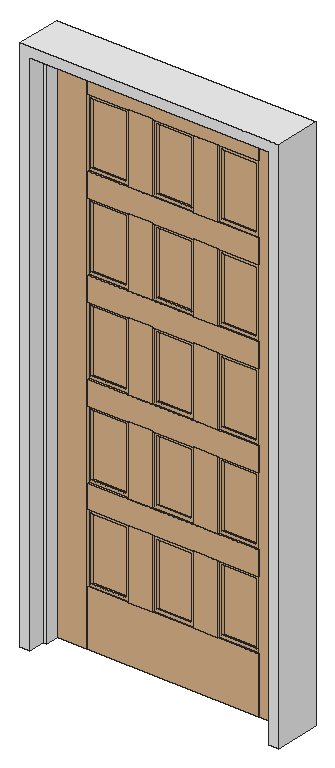
Revit family
Parameters (values of type "1 3/4" Flat Panel")
  URL = "http://www.karonadoor.com"
  Thickness Note = "Do not edit thickness."  # constant formula
  Thickness = 1.774"
  Swing Angle 2D = 90.00°
  SmartBIM Object Version = 1  # constant formula
  SmartBIM Object Created By = "Reed Construction Data"  # constant formula
  Rough Width = 0.000"
  Rough Height = 1.750"
  Panel = Panel_K5930_Karona : 1 3/4" - Flat Panel
  Model = "K5930 Mission"  # constant formula
  Manufacturer = "Karona , Inc."  # constant formula
  Detail Door Thickness = 1.750"
  Assembly Code = ""
  Top Rail Height = 5.000"
  Top Rail = Wood, Cherry - Grain Horizontal
  Stile Width = 5.063"
  Stile = Wood, Cherry - Grain Vertical
  Sticking = Wood, Cherry - Grain Vertical
  Middle Rail = Wood, Cherry - Grain Horizontal
  Height = 80.000"
  Wall Closure = (empty or 0)
  Width = 36.000"
  Frame = Metal
  Bottom Rail Height = 8.500"
  Bottom Rail = Wood, Cherry - Grain Horizontal
  95 CSI = "08210"  # constant formula
  04 CSI = "08 14 33"  # constant formula
Types (9): name | Thickness | Rough Height | Panel | Detail Door Thickness
  1 3/4" Flat Panel | 1.774" | 1.750" | Panel_K5930_Karona : 1 3/4" - Flat Panel | 1.750"
  1 3/8" Flat Panel | 1.334" | 0.000" | Panel_K5930_Karona : 1 3/8" - Flat Panel | 1.375"
  2 1/4" Flat Panel | 2.250" | 0.000" | Panel_K5930_Karona : 2 1/4" - Flat Panel | 2.250"
  1 3/4" Glass Panel | 1.774" | 1.750" | Panel_K5930_Karona : 1 3/4" - Glass Panel | 1.750"
  1 3/8" Glass Panel | 1.334" | 0.000" | Panel_K5930_Karona : 1 3/8" - Glass Panel | 1.375"
  2 1/4" Glass Panel | 2.250" | 0.000" | Panel_K5930_Karona : 2 1/4" - Glass | 2.250"
  1 3/4" Raised Panel | 1.774" | 1.750" | Panel_K5930_Karona : 1 3/4" - Raised Panel | 1.750"
  1 3/8" Raised Panel | 1.334" | 0.000" | Panel_K5930_Karona : 1 3/8" - Raised Panel | 1.375"
  2 1/4" Raised Panel | 2.250" | 0.000" | Panel_K5930_Karona : 2 1/4" - Raised Panel | 2.250"
Reference planes (in)
  plane 1 "Center (Front/Back)": y = 0
  plane 2 "Center (Left/Right)": x = 0
  plane 3 "Left": x = -18
  plane 4 "Right": x = 18
  plane 5 "Top": z = 80
  plane 6 "Exterior Edge of Frame": y = 3.5
  plane 7 "Interior Edge of Frame": y = -3.5
  plane 8: y = 1
  plane 9: y = -1
  plane 10 "Opening Left": x = -19.5
  plane 11 "Opening Right": x = 19.5
  plane 12 "Top of Opening": z = 81.5
  plane 13: x = -17.5
Forms (in)
  Sweep 1, solid, material "Metal" <- "Frame"
    path origin (0, 0, 0) x (1, 0, 0) y (0, 0, 1)
      loop
        line (-19.5, 0) -> (-19.5, 81.5) -> (19.5, 81.5) -> (19.5, 0)
    profile origin (-19.5, 0, 40.75) x (-1, 0, 0) y (0, -1, 0)
      loop
        line (0, -3.5) -> (0, 3.5) -> (-1.5, 3.5) -> (-1.5, 1) -> (-2, 1) -> (-2, -1) -> (-1.5, -1) -> (-1.5, -3.5) -> (0, -3.5)
Lines and regions (in)
  Opening 1
    outline origin (-90, -3, 0) x (1, 0, 0) y (0, 0, 1)
      loop
        line (70.5, 0) -> (109.5, 0) -> (109.5, 81.5) -> (70.5, 81.5) -> (70.5, 0)
  symbolic lines, style "Elevation Swing"
    curve 1: line (18, 3, 0) -> (-18, 3, 40)
    curve 2: line (-18, 3, 40) -> (18, 3, 80)
Text (in)
  text "Exterior" at (-46.13199, 20.20143, 0), in view "Ref. Level"
  text "Interior" at (-46.13199, -10.56751, 0), in view "Ref. Level"
  text "Exterior" at (0, 40.15149, 123.01588), in view "Right"
  text "Interior" at (0, -64.39139, 123.01588), in view "Right"
  text "Interior" at (0, -31.01599, 123.00693), in view "Left"
  text "Exterior" at (0, 54.57065, 123.00693), in view "Left"
Dimensions and locks (in)
  "Height": level to plane 5 "Top"
  "Width": plane 3 "Left" to plane 4 "Right"
  equal spacing: host wall, curve 2, plane 5 "Top"
  locked: host wall to plane 7 "Interior Edge of Frame" at 0.5
  locked: plane 6 "Exterior Edge of Frame" to host wall at 0.5
  locked: plane 9 to plane 7 "Interior Edge of Frame" at 2.5
  locked: plane 6 "Exterior Edge of Frame" to plane 8 at 2.5
  equal spacing: plane 3 "Left", plane 2 "Center (Left/Right)", plane 4 "Right"
  locked: plane 4 "Right" to plane 11 "Opening Right" at 1.5
  locked: plane 5 "Top" to plane 12 "Top of Opening" at 1.5
  locked: plane 3 "Left" to plane 13 at 0.5
  locked: plane 10 "Opening Left" to plane 3 "Left" at 1.5
  aligned and locked: Opening 1 sketch curve to level
  aligned and locked: plane 4 "Right" to curve 1
  aligned and locked: plane 3 "Left" to curve 1
  aligned and locked: plane 5 "Top" to curve 2
  aligned and locked: Opening 1 sketch curve to plane 11 "Opening Right"
  aligned and locked: plane 12 "Top of Opening" to Opening 1 sketch curve
  aligned and locked: Opening 1 sketch curve to plane 10 "Opening Left"
  aligned and locked: plane 10 "Opening Left" to Sweep 1 sketch curve
  aligned and locked: plane 12 "Top of Opening" to Sweep 1 sketch curve
  aligned and locked: plane 11 "Opening Right" to Sweep 1 sketch curve
  aligned and locked: level to Sweep 1 sketch curve  (x2)
  aligned and locked: Sweep 1 sketch curve to plane 10 "Opening Left"
  aligned and locked: Sweep 1 sketch curve to plane 6 "Exterior Edge of Frame"
  aligned and locked: Sweep 1 sketch curve to plane 7 "Interior Edge of Frame"
  aligned and locked: Sweep 1 sketch curve to plane 8
  aligned and locked: Sweep 1 sketch curve to plane 9
  aligned and locked: plane 13 to Sweep 1 sketch curve
  aligned and locked: plane 3 "Left" to Sweep 1 sketch curve  (x2)
  aligned and locked: nested 1 to plane 2 "Center (Left/Right)"
  aligned and locked: nested 1 to plane 8
  aligned and locked: nested 2 to plane 3 "Left"
  aligned and locked: nested 2 to plane 8
Automatic sketch dimensions
  curve 1 to level = 0.000"
  curve 2 to plane 4 "Right" = 0.000"
Nested families (in)
  nested 1: "Panel_K5930_Karona" at (-13.5, 0.6575, 0) x (-1, 0, 0) z (0, 0, 1), type <- "Panel", type "1 3/4" - Flat Panel"
    with Stile Width 5.063", Panel Width 6.208", Half Panel Width 3.104"
  nested 2: "Door Panel Plan View" at (-31.5, 1, 0) x (-1, 0, 0) z (0, 0, 1), type "Door Panel Plan View"
    with Thickness 1.750", Height 80.000"
Definition of nested family "Panel_K5930_Karona"
  Parameters (values of type "2 1/4" - Flat Panel")
    Width = 36.000"
    Top Rail Material = Wood, Cherry - Grain Horizontal
    Top Rail Height = 10.000"
    Top Panel Offset = Top Rail Height + Half Panel Height  # 14.550"
    Thickness Note = "Do not change door thickness"  # constant formula
    Thickness = 2.250"
    Stile Width = 8.000"
    Stile Material = Wood, Cherry - Grain Vertical
    Sticking Material = Wood, Cherry - Grain Vertical
    Panel Width = (Width - (2 * Stile Width) - (2 * Mullion Width)) / 3  # 4.250"
    Panel Height = (Height - (Bottom Rail Height + Top Rail Height) - (4 * 3.625")) / 5  # 9.100"
    Panel = Glass-Sticking-Assembly-Mission_Karona : Flat Panel
    Mullion Width = 3.625"  # constant formula
    Interior Panel = Wood, Cherry - Grain Vertical
    Height = 80.000"
    Half Panel Width = 0.5 * Panel Width  # 2.125"
    Half Panel Height = 0.5 * Panel Height  # 4.550"
    Exterior Edge - Glass Bottom Offset = if(Thickness = 1.774", 0.567", if(Thickness = 2.250", 0.803", 0.469"))  # 0.803"
    Door Panel Material = Wood, Cherry - Grain Vertical
    Default Elevation = 0.000"  # constant formula
    Cross Rail and Panel Spacing Start = Half Panel Height + 0.5 * (3.625")  # 6.3625"
    Cross Rail Panel Height = Panel Height + 3.625"  # 12.725"
    Bottom Rail Material = Wood, Cherry - Grain Horizontal
    Bottom Rail Height = 10.000"
    Assembly Code = ""
  Types (9): name | Top Rail Height | Top Panel Offset | Thickness | Stile Width | Panel Width | Panel Height | Panel | Interior Panel | Half Panel Width | Half Panel Height | Exterior Edge - Glass Bottom Offset | Cross Rail and Panel Spacing Start | Cross Rail Panel Height | Bottom Rail Height
    2 1/4" - Flat Panel | 10.000" | 14.550" | 2.250" | 8.000" | 4.250" | 9.100" | Glass-Sticking-Assembly-Mission_Karona : Flat Panel | Wood, Cherry - Grain Vertical | 2.125" | 4.550" | 0.803" | 6.3625" | 12.725" | 10.000"
    2 1/4" - Glass | 5.000" | 10.200" | 2.250" | 5.250" | 6.08333" | 10.400" | Glass-Sticking-Assembly-Mission_Karona : Glass Panel | Glass | 3.04167" | 5.200" | 0.803" | 7.0125" | 14.025" | 8.500"
    2 1/4" - Raised Panel | 5.000" | 10.200" | 2.250" | 5.250" | 6.08333" | 10.400" | Glass-Sticking-Assembly-Mission_Karona : Raised Panel | Wood, Cherry - Grain Vertical | 3.04167" | 5.200" | 0.803" | 7.0125" | 14.025" | 8.500"
    1 3/4" - Raised Panel | 5.000" | 10.200" | 1.774" | 5.250" | 6.08333" | 10.400" | Glass-Sticking-Assembly-Mission_Karona : Raised Panel | Wood, Cherry - Grain Vertical | 3.04167" | 5.200" | 0.567" | 7.0125" | 14.025" | 8.500"
    1 3/4" - Flat Panel | 5.000" | 10.200" | 1.774" | 5.250" | 6.08333" | 10.400" | Glass-Sticking-Assembly-Mission_Karona : Flat Panel | Wood, Cherry - Grain Vertical | 3.04167" | 5.200" | 0.567" | 7.0125" | 14.025" | 8.500"
    1 3/4" - Glass Panel | 5.000" | 10.200" | 1.774" | 5.250" | 6.08333" | 10.400" | Glass-Sticking-Assembly-Mission_Karona : Glass Panel | Glass | 3.04167" | 5.200" | 0.567" | 7.0125" | 14.025" | 8.500"
    1 3/8" - Raised Panel | 5.000" | 10.200" | 1.334" | 5.250" | 6.08333" | 10.400" | Glass-Sticking-Assembly-Mission_Karona : Raised Panel | Wood, Cherry - Grain Vertical | 3.04167" | 5.200" | 0.469" | 7.0125" | 14.025" | 8.500"
    1 3/8" - Glass Panel | 5.000" | 10.200" | 1.334" | 5.250" | 6.08333" | 10.400" | Glass-Sticking-Assembly-Mission_Karona : Glass Panel | Glass | 3.04167" | 5.200" | 0.469" | 7.0125" | 14.025" | 8.500"
    1 3/8" - Flat Panel | 5.000" | 10.200" | 1.334" | 5.250" | 6.08333" | 10.400" | Glass-Sticking-Assembly-Mission_Karona : Flat Panel | Wood, Cherry - Grain Horizontal | 3.04167" | 5.200" | 0.469" | 7.0125" | 14.025" | 8.500"
  Reference planes (in)
    plane 1 "Center (Front/Back)": y = 1.2315
    plane 2: z = 0
    plane 3 "Center (Left/Right)": x = -13.5
    plane 4 "Left": x = -31.5
    plane 5: x = 4.5
    plane 6 "Inner Left": x = -23.5
    plane 7 "Inner Right": x = -3.5
    plane 8: z = 10
    plane 9 "Bottom Of Top Rail": z = 70
    plane 10 "Top": z = 80
    plane 11 "Interior Edge of Door": y = 2.3565
    plane 12: z = 70
    plane 13 "Exterior Edge of Door": y = 0.1065
    plane 14 "Bottom of Glass": y = 0.9095
    plane 15 "Left Panel Vertical Midline": x = -21.375
    plane 16 "Right Panel Vertical Midline": x = -5.625
    plane 17 "Center of Left Vertical Mullion": x = -17.4375
    plane 18 "Center of Right Vertical Mullion": x = -9.5625
    plane 19 "Horizontal Midline Panel 1": z = 65.45
    plane 20 "Horizontal Midline Panel 2": z = 52.725
    plane 21 "Horizontal Midline Panel 3": z = 40
    plane 22 "Horizontal Midline Panel 4": z = 27.275
    plane 23 "Cross Rail 2": z = 46.3625
    plane 24 "Cross Rail 3": z = 33.6375
    plane 25 "Cross Rail Bottom": z = 20.9125
    plane 26 "Horizontal Midline Panel 5": z = 14.55
    plane 27 "Cross Rail 1": z = 59.0875
    plane 28: x = -19.25
    plane 29: x = -15.625
    plane 30: x = -11.375
    plane 31: x = -7.75
  Forms (in)
    Extrusion 1, solid, material "Wood, Cherry - Grain Horizontal" <- "Bottom Rail Material"
      sketch origin (0, -101.3125, 0) x (1, 0, 0) y (0, 0, 1)
        loop
          line (-23.5, 0) -> (-3.5, 0) -> (-3.5, 10) -> (-23.5, 10) -> (-23.5, 0)
      from -103.669 to -101.419
    Extrusion 2, solid, material "Wood, Cherry - Grain Vertical" <- "Stile Material"
      sketch origin (0, 1.2315, 0) x (1, 0, 0) y (0, 0, 1)
        loop
          line (-31.5, 80) -> (-31.5, 0) -> (-23.5, 0) -> (-23.5, 80) -> (-31.5, 80)
        loop
          line (-3.5, 0) -> (4.5, 0) -> (4.5, 80) -> (-3.5, 80) -> (-3.5, 0)
      from -1.125 to 1.125
    Extrusion 3, solid, material "Wood, Cherry - Grain Horizontal" <- "Top Rail Material"
      sketch origin (0, 1.2315, 0) x (1, 0, 0) y (0, 0, 1)
        loop
          line (-23.5, 80) -> (-23.5, 70) -> (-3.5, 70) -> (-3.5, 80) -> (-23.5, 80)
      from -1.125 to 1.125
    Extrusion 4, solid, material "Wood, Cherry - Grain Horizontal" <- "Top Rail Material"
      sketch origin (0, 1.2315, 0) x (1, 0, 0) y (0, 0, 1)
        loop
          line (-3.5, 19.0995) -> (-3.5, 22.7255) -> (-23.5, 22.7255) -> (-23.5, 19.0995) -> (-3.5, 19.0995)
        loop
          line (-3.5, 31.8245) -> (-3.5, 35.4505) -> (-23.5, 35.4505) -> (-23.5, 31.8245) -> (-3.5, 31.8245)
        loop
          line (-3.5, 44.5495) -> (-3.5, 48.1755) -> (-23.5, 48.1755) -> (-23.5, 44.5495) -> (-3.5, 44.5495)
        loop
          line (-3.5, 57.2745) -> (-3.5, 60.9005) -> (-23.5, 60.9005) -> (-23.5, 57.2745) -> (-3.5, 57.2745)
      from -1.125 to 1.125
    Extrusion 5, solid, material "Wood, Cherry - Grain Vertical" <- "Stile Material"
      sketch origin (0, 1.2315, 0) x (1, 0, 0) y (0, 0, 1)
        loop
          line (-19.25, 10) -> (-15.625, 10) -> (-15.625, 19.0995) -> (-19.25, 19.0995) -> (-19.25, 10)
        loop
          line (-11.375, 10) -> (-7.75, 10) -> (-7.75, 19.0995) -> (-11.375, 19.0995) -> (-11.375, 10)
        loop
          line (-19.25, 22.7255) -> (-15.625, 22.7255) -> (-15.625, 31.8245) -> (-19.25, 31.8245) -> (-19.25, 22.7255)
        loop
          line (-7.75, 22.7255) -> (-7.75, 31.8245) -> (-11.375, 31.8245) -> (-11.375, 22.7255) -> (-7.75, 22.7255)
        loop
          line (-19.25, 35.4505) -> (-15.625, 35.4505) -> (-15.625, 44.5495) -> (-19.25, 44.5495) -> (-19.25, 35.4505)
        loop
          line (-7.75, 35.4505) -> (-7.75, 44.5495) -> (-11.375, 44.5495) -> (-11.375, 35.4505) -> (-7.75, 35.4505)
        loop
          line (-19.25, 48.1755) -> (-15.625, 48.1755) -> (-15.625, 57.2745) -> (-19.25, 57.2745) -> (-19.25, 48.1755)
        loop
          line (-11.375, 48.1755) -> (-7.75, 48.1755) -> (-7.75, 57.2745) -> (-11.375, 57.2745) -> (-11.375, 48.1755)
        loop
          line (-19.25, 60.9005) -> (-15.625, 60.9005) -> (-15.625, 70) -> (-19.25, 70) -> (-19.25, 60.9005)
        loop
          line (-11.375, 60.9005) -> (-7.75, 60.9005) -> (-7.75, 70) -> (-11.375, 70) -> (-11.375, 60.9005)
      from -1.125 to 1.125
  Text (in)
    text "EXTERIOR" at (-34.59289, -1.27941, 0), in view "Ref. Level"
    text "EXTERIOR" at (0, -9.65287, 72.76687), in view "Left"
    text "EXTERIOR" at (0, -33.33473, 96.68074), in view "Right"
  Dimensions and locks (in)
    equal spacing: plane 4 "Left", plane 3 "Center (Left/Right)", plane 5
    "Width": plane 4 "Left" to plane 5
    "Stile Width": plane 4 "Left" to plane 6 "Inner Left"
    "Stile Width": plane 5 to plane 7 "Inner Right"
    "Bottom Rail Height": plane 8 to plane 2
    "Top Rail Height": plane 10 "Top" to plane 9 "Bottom Of Top Rail"
    "Height": plane 10 "Top" to plane 2
    equal spacing: plane 11 "Interior Edge of Door", plane 1 "Center (Front/Back)", plane 13 "Exterior Edge of Door"
    "Thickness": plane 11 "Interior Edge of Door" to plane 13 "Exterior Edge of Door"
    "Exterior Edge - Glass Bottom Offset": plane 14 "Bottom of Glass" to plane 13 "Exterior Edge of Door"
    "Exterior Edge - Glass Bottom Offset": plane 13 "Exterior Edge of Door" to plane 14 "Bottom of Glass"
    "Half Panel Width": plane 15 "Left Panel Vertical Midline" to plane 6 "Inner Left"
    "Half Panel Width": plane 7 "Inner Right" to plane 16 "Right Panel Vertical Midline"
    equal spacing: plane 3 "Center (Left/Right)", plane 17 "Center of Left Vertical Mullion", plane 15 "Left Panel Vertical Midline"
    equal spacing: plane 16 "Right Panel Vertical Midline", plane 18 "Center of Right Vertical Mullion", plane 3 "Center (Left/Right)"
    "Half Panel Height": plane 26 "Horizontal Midline Panel 5" to plane 8
    "Cross Rail and Panel Spacing Start": plane 25 "Cross Rail Bottom" to plane 26 "Horizontal Midline Panel 5"
    "Cross Rail Panel Height": plane 24 "Cross Rail 3" to plane 25 "Cross Rail Bottom"
    "Cross Rail Panel Height": plane 23 "Cross Rail 2" to plane 24 "Cross Rail 3"
    "Cross Rail Panel Height": plane 27 "Cross Rail 1" to plane 23 "Cross Rail 2"
    equal spacing: Extrusion 4 sketch curve, plane 27 "Cross Rail 1", Extrusion 4 sketch curve
    equal spacing: Extrusion 4 sketch curve, plane 23 "Cross Rail 2", Extrusion 4 sketch curve
    equal spacing: Extrusion 4 sketch curve, plane 24 "Cross Rail 3", Extrusion 4 sketch curve
    equal spacing: Extrusion 4 sketch curve, plane 25 "Cross Rail Bottom", Extrusion 4 sketch curve
    locked: Extrusion 4 sketch curve to Extrusion 4 sketch curve at 3.626  (x4)
    equal spacing: plane 24 "Cross Rail 3", plane 22 "Horizontal Midline Panel 4", plane 25 "Cross Rail Bottom"
    equal spacing: plane 23 "Cross Rail 2", plane 21 "Horizontal Midline Panel 3", plane 24 "Cross Rail 3"
    equal spacing: plane 27 "Cross Rail 1", plane 20 "Horizontal Midline Panel 2", plane 23 "Cross Rail 2"
    equal spacing: Extrusion 5 sketch curve, plane 22 "Horizontal Midline Panel 4", Extrusion 5 sketch curve  (x2)
    equal spacing: Extrusion 5 sketch curve, plane 21 "Horizontal Midline Panel 3", Extrusion 5 sketch curve  (x2)
    equal spacing: plane 28, plane 17 "Center of Left Vertical Mullion", plane 29
    locked: plane 28 to plane 29 at 3.625
    equal spacing: plane 30, plane 18 "Center of Right Vertical Mullion", plane 31
    locked: plane 30 to plane 31 at 3.625
    equal spacing: Extrusion 5 sketch curve, plane 20 "Horizontal Midline Panel 2", Extrusion 5 sketch curve  (x2)
    "Cross Rail and Panel Spacing Start": plane 19 "Horizontal Midline Panel 1" to plane 27 "Cross Rail 1"
    aligned and locked: Extrusion 1 to plane 2
    aligned and locked: plane 11 "Interior Edge of Door" to Extrusion 1
    aligned and locked: plane 4 "Left" to Extrusion 2 sketch curve
    aligned and locked: Extrusion 2 sketch curve to plane 10 "Top"
    aligned and locked: Extrusion 2 sketch curve to Extrusion 1  (x3)
    aligned and locked: Extrusion 1 to Extrusion 2 sketch curve
    aligned and locked: plane 10 "Top" to Extrusion 2 sketch curve
    aligned and locked: plane 5 to Extrusion 2 sketch curve
    aligned and locked: plane 11 "Interior Edge of Door" to Extrusion 2
    aligned and locked: Extrusion 2 to Extrusion 3 sketch curve
    aligned and locked: Extrusion 3 sketch curve to Extrusion 2
    aligned and locked: plane 11 "Interior Edge of Door" to Extrusion 3
    aligned and locked: plane 12 to plane 9 "Bottom Of Top Rail"
    aligned and locked: level to plane 2
    aligned and locked: Extrusion 3 to plane 13 "Exterior Edge of Door"
    aligned and locked: Extrusion 3 to plane 11 "Interior Edge of Door"
    aligned and locked: Extrusion 2 to plane 13 "Exterior Edge of Door"
    aligned and locked: Extrusion 3 to plane 12
    aligned and locked: Extrusion 1 to Extrusion 2
    aligned and locked: nested 1 to plane 1 "Center (Front/Back)"
    aligned and locked: nested 1 to plane 15 "Left Panel Vertical Midline"
    aligned and locked: nested 2 to plane 8
    aligned and locked: nested 3 to plane 8
    aligned and locked: plane 3 "Center (Left/Right)" to nested 3
    aligned and locked: nested 3 to plane 1 "Center (Front/Back)"
    aligned and locked: nested 2 to plane 1 "Center (Front/Back)"
    aligned and locked: nested 2 to plane 16 "Right Panel Vertical Midline"
    aligned and locked: plane 11 "Interior Edge of Door" to Extrusion 4
    aligned and locked: Extrusion 4 to plane 13 "Exterior Edge of Door"
    aligned and locked: plane 26 "Horizontal Midline Panel 5" to nested 1
    aligned and locked: plane 19 "Horizontal Midline Panel 1" to nested 13
    aligned and locked: plane 19 "Horizontal Midline Panel 1" to nested 15
    aligned and locked: plane 19 "Horizontal Midline Panel 1" to nested 14
    aligned and locked: plane 16 "Right Panel Vertical Midline" to nested 14
    aligned and locked: plane 16 "Right Panel Vertical Midline" to nested 11
    aligned and locked: plane 16 "Right Panel Vertical Midline" to nested 8
    aligned and locked: plane 16 "Right Panel Vertical Midline" to nested 5
    aligned and locked: plane 20 "Horizontal Midline Panel 2" to nested 11
    aligned and locked: plane 20 "Horizontal Midline Panel 2" to nested 12
    aligned and locked: plane 20 "Horizontal Midline Panel 2" to nested 10
    aligned and locked: plane 21 "Horizontal Midline Panel 3" to nested 7
    aligned and locked: plane 21 "Horizontal Midline Panel 3" to nested 9
    aligned and locked: plane 21 "Horizontal Midline Panel 3" to nested 8
    aligned and locked: plane 22 "Horizontal Midline Panel 4" to nested 4
    aligned and locked: plane 22 "Horizontal Midline Panel 4" to nested 6
    aligned and locked: plane 22 "Horizontal Midline Panel 4" to nested 5
    aligned and locked: plane 15 "Left Panel Vertical Midline" to nested 13
    aligned and locked: plane 15 "Left Panel Vertical Midline" to nested 10
    aligned and locked: plane 15 "Left Panel Vertical Midline" to nested 7
    aligned and locked: plane 3 "Center (Left/Right)" to nested 15
    aligned and locked: plane 3 "Center (Left/Right)" to nested 12
    aligned and locked: plane 3 "Center (Left/Right)" to nested 9
    aligned and locked: plane 3 "Center (Left/Right)" to nested 6
    aligned and locked: Extrusion 5 sketch curve to plane 8
    aligned and locked: Extrusion 4 to Extrusion 5 sketch curve  (x2)
    aligned and locked: Extrusion 5 sketch curve to plane 28  (x4)
    aligned and locked: plane 29 to Extrusion 5 sketch curve  (x2)
    aligned and locked: Extrusion 5 sketch curve to plane 29  (x2)
    aligned and locked: Extrusion 5 sketch curve to plane 30  (x4)
    aligned and locked: plane 31 to Extrusion 5 sketch curve  (x3)
    aligned and locked: Extrusion 5 sketch curve to plane 31
    aligned and locked: plane 12 to Extrusion 5 sketch curve  (x2)
    aligned and locked: plane 11 "Interior Edge of Door" to Extrusion 5
    aligned and locked: Extrusion 5 to plane 13 "Exterior Edge of Door"
    aligned and locked: plane 15 "Left Panel Vertical Midline" to nested 4
  Automatic sketch dimensions
    Extrusion 1 sketch curve to plane 6 "Inner Left" = 0.000"
    Extrusion 1 sketch curve to plane 7 "Inner Right" = 0.000"
    Extrusion 1 sketch curve to level = 0.000"
    Extrusion 1 sketch curve to plane 8 = 0.000"
    Extrusion 3 sketch curve to plane 7 "Inner Right" = 0.000"
    plane 9 "Bottom Of Top Rail" to Extrusion 3 sketch curve = 0.000"
    Extrusion 4 sketch curve to plane 7 "Inner Right" = 0.000"  (x4)
    Extrusion 4 sketch curve to plane 6 "Inner Left" = 0.000"  (x4)
    Extrusion 5 sketch curve to plane 25 "Cross Rail Bottom" = 1.813"
    Extrusion 5 sketch curve to plane 8 = 0.000"
    plane 25 "Cross Rail Bottom" to Extrusion 5 sketch curve = 1.813"  (x2)
    plane 24 "Cross Rail 3" to Extrusion 5 sketch curve = 1.813"  (x2)
    Extrusion 5 sketch curve to plane 31 = 0.000"
    Extrusion 5 sketch curve to plane 30 = 0.000"
    Extrusion 5 sketch curve to Extrusion 5 sketch curve = 0.000"
    Extrusion 5 sketch curve to plane 29 = 0.000"
    Extrusion 5 sketch curve to plane 28 = 0.000"
    plane 23 "Cross Rail 2" to Extrusion 5 sketch curve = 1.813"  (x2)
  Nested families (in)
    nested 1: "Glass-Sticking-Assembly-Mission_Karona" at (-21.84375, 1.38, 10), Width <- "Panel Width", Height <- "Panel Height", type <- "Panel", type "Flat Panel"
      with Width 4.250", Height 9.100", Stop Adjustment 0.513", Door Thickness 2.250", C 0.439", B 0.803", A 0.433"
    nested 2: "Glass-Sticking-Assembly-Mission_Karona" at (-6.09375, 1.38, 10), Width <- "Panel Width", Height <- "Panel Height", type <- "Panel", type "Flat Panel"
      with Width 4.250", Height 9.100", Stop Adjustment 0.513", Door Thickness 2.250", C 0.439", B 0.803", A 0.433"
    nested 3: "Glass-Sticking-Assembly-Mission_Karona" at (-13.96875, 1.38, 10), Width <- "Panel Width", Height <- "Panel Height", type <- "Panel", type "Flat Panel"
      with Width 4.250", Height 9.100", Stop Adjustment 0.513", Door Thickness 2.250", C 0.439", B 0.803", A 0.433"
    nested 4: "Glass-Sticking-Assembly-Mission_Karona" at (-21.84375, 1.3784, 22.725), Width <- "Panel Width", Height <- "Panel Height", type <- "Panel", type "Flat Panel"
      with Width 4.250", Height 9.100", Stop Adjustment 0.513", Door Thickness 2.250", C 0.439", B 0.803", A 0.433"
    nested 5: "Glass-Sticking-Assembly-Mission_Karona" at (-6.09375, 1.3784, 22.725), Width <- "Panel Width", Height <- "Panel Height", type <- "Panel", type "Flat Panel"
      with Width 4.250", Height 9.100", Stop Adjustment 0.513", Door Thickness 2.250", C 0.439", B 0.803", A 0.433"
    nested 6: "Glass-Sticking-Assembly-Mission_Karona" at (-13.96875, 1.3784, 22.725), Width <- "Panel Width", Height <- "Panel Height", type <- "Panel", type "Flat Panel"
      with Width 4.250", Height 9.100", Stop Adjustment 0.513", Door Thickness 2.250", C 0.439", B 0.803", A 0.433"
    nested 7: "Glass-Sticking-Assembly-Mission_Karona" at (-21.84375, 1.3788, 35.45), Width <- "Panel Width", Height <- "Panel Height", type <- "Panel", type "Flat Panel"
      with Width 4.250", Height 9.100", Stop Adjustment 0.513", Door Thickness 2.250", C 0.439", B 0.803", A 0.433"
    nested 8: "Glass-Sticking-Assembly-Mission_Karona" at (-6.09375, 1.3788, 35.45), Width <- "Panel Width", Height <- "Panel Height", type <- "Panel", type "Flat Panel"
      with Width 4.250", Height 9.100", Stop Adjustment 0.513", Door Thickness 2.250", C 0.439", B 0.803", A 0.433"
    nested 9: "Glass-Sticking-Assembly-Mission_Karona" at (-13.96875, 1.3788, 35.45), Width <- "Panel Width", Height <- "Panel Height", type <- "Panel", type "Flat Panel"
      with Width 4.250", Height 9.100", Stop Adjustment 0.513", Door Thickness 2.250", C 0.439", B 0.803", A 0.433"
    nested 10: "Glass-Sticking-Assembly-Mission_Karona" at (-21.84375, 1.3792, 48.175), Width <- "Panel Width", Height <- "Panel Height", type <- "Panel", type "Flat Panel"
      with Width 4.250", Height 9.100", Stop Adjustment 0.513", Door Thickness 2.250", C 0.439", B 0.803", A 0.433"
    nested 11: "Glass-Sticking-Assembly-Mission_Karona" at (-6.09375, 1.3792, 48.175), Width <- "Panel Width", Height <- "Panel Height", type <- "Panel", type "Flat Panel"
      with Width 4.250", Height 9.100", Stop Adjustment 0.513", Door Thickness 2.250", C 0.439", B 0.803", A 0.433"
    nested 12: "Glass-Sticking-Assembly-Mission_Karona" at (-13.96875, 1.3792, 48.175), Width <- "Panel Width", Height <- "Panel Height", type <- "Panel", type "Flat Panel"
      with Width 4.250", Height 9.100", Stop Adjustment 0.513", Door Thickness 2.250", C 0.439", B 0.803", A 0.433"
    nested 13: "Glass-Sticking-Assembly-Mission_Karona" at (-21.84375, 1.3796, 60.9), Width <- "Panel Width", Height <- "Panel Height", type <- "Panel", type "Flat Panel"
      with Width 4.250", Height 9.100", Stop Adjustment 0.513", Door Thickness 2.250", C 0.439", B 0.803", A 0.433"
    nested 14: "Glass-Sticking-Assembly-Mission_Karona" at (-6.09375, 1.3796, 60.9), Width <- "Panel Width", Height <- "Panel Height", type <- "Panel", type "Flat Panel"
      with Width 4.250", Height 9.100", Stop Adjustment 0.513", Door Thickness 2.250", C 0.439", B 0.803", A 0.433"
    nested 15: "Glass-Sticking-Assembly-Mission_Karona" at (-13.96875, 1.3796, 60.9), Width <- "Panel Width", Height <- "Panel Height", type <- "Panel", type "Flat Panel"
      with Width 4.250", Height 9.100", Stop Adjustment 0.513", Door Thickness 2.250", C 0.439", B 0.803", A 0.433"
  Definition of nested family "Glass-Sticking-Assembly-Mission_Karona"
    Parameters (values of type "Glass Panel")
      Width [instance] = 19.000"
      Stop Adjustment = if(and(not(Glass Panel), Door Thickness = 1.774"), 0.513", if(and(not(Glass Panel), Door Thickness = 2.250"), 0.513", if((Glass Panel), 0.125", 0.273")))  # 0.125"
      Profile = Wood, Cherry - Grain Vertical
      Height [instance] = 23.000"
      Raised Panel = no
      Interior Panel = Wood, Cherry - Grain Vertical
      Glass Panel = yes
      Door Thickness = 2.250"
      C = if(Door Thickness = 1.774", 0.200", if(Door Thickness = 2.250", 0.439", 0.191"))  # 0.439"
      B = if(Door Thickness = 1.774", 0.567", if(Door Thickness = 2.250", 0.803", 0.469"))  # 0.803"
      Assembly Code = ""
      A = if(Door Thickness = 1.774", 0.197", if(Door Thickness = 2.250", 0.433", 0.194"))  # 0.433"
    Types (3): name | Width | Stop Adjustment | Height | Raised Panel | Glass Panel | Door Thickness | C | B | A
      Glass Panel | 19.000" | 0.125" | 23.000" | no | yes | 2.250" | 0.439" | 0.803" | 0.433"
      Flat Panel | 4.500" | 0.273" | 23.000" | no | no | 1.334" | 0.191" | 0.469" | 0.194"
      Raised Panel | 4.000" | 0.513" | 4.000" | yes | no | 2.250" | 0.439" | 0.803" | 0.433"
    Reference planes (in)
      plane 1 "Stop Adjustment Edge": y = -0.3455
      plane 2: z = 0
      plane 3 "Center (Left/Right)": x = 0.46875
      plane 4 "Back": y = 0.9765
      plane 5 "Front": y = -1.2735
      plane 6 "Left": x = -9.03125
      plane 7 "Right": x = 9.96875
      plane 8 "Top": z = 23
      plane 9 "Center (Up/Down)": z = 11.5
      plane 10 "Bottom of Stop": y = -0.2205
      plane 11 "Bottom of Glass": y = -0.4705
      plane 12 "Right Edge of Glass": x = 9.91875
      plane 13 "Left Edge of Glass": x = -8.98125
      plane 14 "Top Edge of Glass": z = 22.90625
      plane 15 "Bottom Edge of Glass": z = 0.09375
      plane 16: x = 9.84375
      plane 17: x = 9.40625
      plane 18 "A": y = -0.8405
      plane 19 "C": y = 0.5375
      plane 20: z = 0.438
      plane 21: z = 22.562
      plane 22: x = -8.59325
      plane 23: x = 9.53075
      plane 24 "Center (Front/Back)": y = -0.1485
    Forms (in)
      Sweep 1, solid, material "Wood, Cherry - Grain Vertical" <- "Profile"
        path origin (0, -0.3455, 0) x (1, 0, 0) y (0, 0, 1)
          loop
            line (9.96875, 23) -> (-9.03125, 23) -> (-9.03125, 0) -> (9.96875, 0) -> (9.96875, 23)
        profile origin (9.96875, -0.3455, 11.5) x (0, -1, 0) y (1, 0, 0)
          loop
            line (-0.883, 0) -> (-0.883, -0.438) -> (-0.125, -0.438) -> (-0.125, -0.05) -> (0.125, -0.05) -> (0.125, -0.438) -> (0.495, -0.438) -> (0.495, 0) -> (-0.883, 0)
      Extrusion 2, solid, material "Wood, Cherry - Grain Vertical" <- "Interior Panel"
        sketch origin (0, 0, 0) x (1, 0, 0) y (0, 1, 0)
          loop
            line (-8.98125, -0.2205) -> (-8.98125, -0.4705) -> (9.91875, -0.4705) -> (9.91875, -0.2205) -> (-8.98125, -0.2205)
        from 0.09375 to 22.90625
      Extrusion 3, solid, material "Wood, Cherry - Grain Vertical" <- "Profile", visible <- "Raised Panel"
        sketch origin (0, 0, 0) x (1, 0, 0) y (0, 1, 0)
          loop
            line (9.53075, 0.5375) -> (-8.59325, 0.5375) -> (-8.59325, -0.2205) -> (9.53075, -0.2205) -> (9.53075, 0.5375)
          loop
            line (-8.59325, -0.4705) -> (-8.59325, -0.8405) -> (9.53075, -0.8405) -> (9.53075, -0.4705) -> (-8.59325, -0.4705)
        from 0.438 to 22.562
      Sweep 4, void
        path origin (0, -0.2205, 0) x (-1, 0, 0) y (0, 0, 1)
          loop
            line (9.03125, 0) -> (9.03125, 23) -> (-9.96875, 23) -> (-9.96875, 0) -> (9.03125, 0)
        profile "Profile : 05" origin (-9.03125, -0.2205, 11.5) x (1, 0, 0) y (0, 1, 0)
          loop
            line (0, 0.05) -> (0.36169, 0.05096)
            arc (0.36169, 0.05096) -> (1.01257, 0.13642) -> (1.61934, 0.387) r 2.52143
            line (1.61934, 0.387) -> (0, 0.387) -> (0, 0.05)
      Sweep 5, void
        path origin (0, -0.4705, 0) x (-1, 0, 0) y (0, 0, 1)
          loop
            line (-9.96875, 23) -> (-9.96875, 0) -> (9.03125, 0) -> (9.03125, 23) -> (-9.96875, 23)
        profile "Profile : 05" origin (9.96875, -0.4705, 11.5) x (-1, 0, 0) y (0, 1, 0)
          loop
            line (0, -0.05) -> (0, -0.387) -> (1.61934, -0.387)
            arc (1.61934, -0.387) -> (1.01257, -0.13642) -> (0.36169, -0.05096) r 2.52143
            line (0.36169, -0.05096) -> (0, -0.05)
    Cuts and joins
      Sweep 4, Sweep 5 cuts Extrusion 3
    Text (in)
      text "INTERIOR" at (-14.3788, 3.49864, 0), in view "Ref. Level"
    Dimensions and locks (in)
      equal spacing: plane 6 "Left", plane 3 "Center (Left/Right)", plane 7 "Right"
      "Width": plane 6 "Left" to plane 7 "Right"
      "Door Thickness": plane 4 "Back" to plane 5 "Front"
      "Height": plane 8 "Top" to plane 2
      equal spacing: plane 8 "Top", plane 9 "Center (Up/Down)", level
      locked: plane 1 "Stop Adjustment Edge" to plane 11 "Bottom of Glass" at 0.125
      "Stop Adjustment": plane 10 "Bottom of Stop" to plane 1 "Stop Adjustment Edge"
      locked: plane 12 "Right Edge of Glass" to plane 7 "Right" at 0.05
      locked: plane 8 "Top" to plane 14 "Top Edge of Glass" at 0.09375
      locked: plane 15 "Bottom Edge of Glass" to level at 0.09375
      locked: plane 6 "Left" to plane 13 "Left Edge of Glass" at 0.05
      "B": plane 5 "Front" to plane 11 "Bottom of Glass"
      locked: plane 16 to plane 7 "Right" at 0.125
      "A": plane 5 "Front" to plane 18 "A"
      "C": plane 19 "C" to plane 4 "Back"
      plane 4 "Back" to Sweep 1 = 1.197"
      locked: plane 20 to level at 0.438
      locked: plane 8 "Top" to plane 21 at 0.438
      locked: plane 6 "Left" to plane 22 at 0.438
      locked: plane 23 to plane 7 "Right" at 0.438
      equal spacing: plane 4 "Back", plane 24 "Center (Front/Back)", plane 5 "Front"
      aligned and locked: Sweep 1 sketch curve to plane 7 "Right"
      aligned and locked: Sweep 1 sketch curve to plane 8 "Top"
      aligned and locked: Sweep 1 sketch curve to plane 6 "Left"
      aligned and locked: Sweep 1 sketch curve to level
      aligned and locked: plane 7 "Right" to Sweep 1 sketch curve
      aligned and locked: plane 10 "Bottom of Stop" to Sweep 1 sketch curve
      aligned and locked: plane 11 "Bottom of Glass" to Sweep 1 sketch curve
      aligned and locked: plane 18 "A" to Sweep 1 sketch curve
      aligned and locked: Sweep 1 sketch curve to plane 19 "C"
      aligned and locked: Extrusion 2 sketch curve to plane 13 "Left Edge of Glass"
      aligned and locked: Extrusion 2 sketch curve to plane 10 "Bottom of Stop"
      aligned and locked: Extrusion 2 sketch curve to plane 11 "Bottom of Glass"
      aligned and locked: Extrusion 2 sketch curve to plane 12 "Right Edge of Glass"
      aligned and locked: plane 14 "Top Edge of Glass" to Extrusion 2
      aligned and locked: Extrusion 2 to plane 15 "Bottom Edge of Glass"
      aligned and locked: Extrusion 3 sketch curve to plane 19 "C"
      aligned and locked: Extrusion 3 sketch curve to plane 10 "Bottom of Stop"
      aligned and locked: Extrusion 3 sketch curve to plane 11 "Bottom of Glass"
      aligned and locked: Extrusion 3 sketch curve to plane 18 "A"
      aligned and locked: Extrusion 3 to plane 20
      aligned and locked: Extrusion 3 to plane 21
      aligned and locked: plane 12 "Right Edge of Glass" to Sweep 1 sketch curve
      aligned and locked: plane 23 to Extrusion 3 sketch curve  (x2)
      aligned and locked: Extrusion 3 sketch curve to plane 22  (x2)
      aligned and locked: plane 23 to Sweep 1 sketch curve  (x2)
      aligned and locked: Sweep 5 sketch curve to plane 6 "Left"
      aligned and locked: plane 8 "Top" to Sweep 5 sketch curve
      aligned and locked: Sweep 5 sketch curve to plane 7 "Right"
      aligned and locked: level to Sweep 5 sketch curve
      aligned and locked: Sweep 4 sketch curve to plane 7 "Right"
      aligned and locked: plane 8 "Top" to Sweep 4 sketch curve
      aligned and locked: Sweep 4 sketch curve to plane 6 "Left"
      aligned and locked: level to Sweep 4 sketch curve
Definition of nested family "Door Panel Plan View"
  Parameters (values of type "Door Panel Plan View")
    Width = 36.000"
    Thickness = 2.000"
    Swing Angle 2D = 90.00°
    Height = 0.000"
    Assembly Code = ""
  Reference planes (in)
    plane 1 "Center (Front/Back)": y = 0
    plane 2: z = 0
    plane 3 "Center (Left/Right)": x = -13.5
  Lines and regions (in)
    symbolic lines, style "DoorsPanelProjection"
      curve 1: line (-13.5, 0, 0) -> (-13.5, 36, 0)
      curve 2: line (-15.5, 0, 0) -> (-15.5, 36, 0)
      curve 3: line (-13.5, 0, 0) -> (-15.5, 0, 0)
      curve 4: line (-13.5, 36, 0) -> (-15.5, 36, 0)
    symbolic lines, style "Plan Swing"
      curve 5: arc (-13.5, 36, 0) -> (-38.95584, 25.45584, 0) -> (-49.5, 0, 0) r 36
  Dimensions and locks (in)
    "Width": curve 4 to curve 3
    "Thickness": curve 1 to curve 2
    "Swing Angle 2D": angle curve 1 to plane 1 "Center (Front/Back)"
    aligned and locked: plane 1 "Center (Front/Back)" to curve 5
  Automatic sketch dimensions
    curve 3 to plane 1 "Center (Front/Back)" = 0.000"
    curve 5 to plane 3 "Center (Left/Right)" = 0.000"
    curve 3 to plane 3 "Center (Left/Right)" = 0.000"
